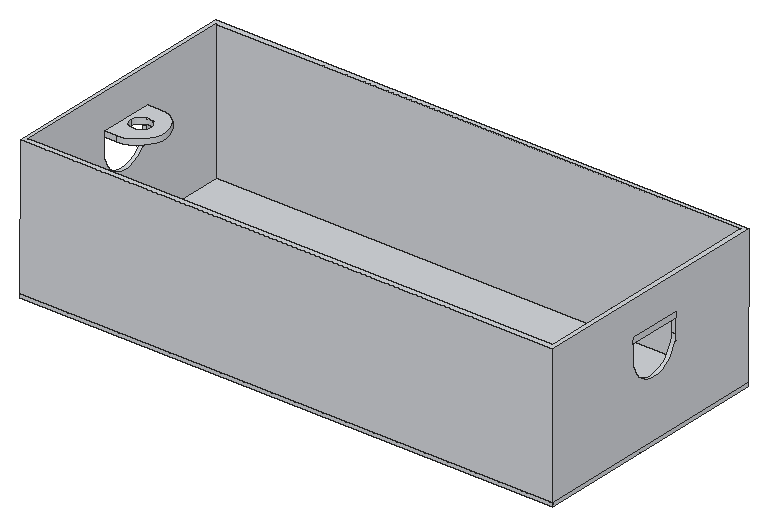
Revit family "EWS5", category Generic Models, Revit 2017
Family settings
  Can host rebar = No
  Round Connector Dimension = Use Diameter
  Part Type = Normal
  Work Plane-Based = Yes
  Always vertical = No
  Cut with Voids When Loaded = No
  Shared = No
  Room Calculation Point = No
Parameters (values of type "NBS Standard Parameters")
  Weight = "0.164Kg"
  WarrantyStartDate [instance] = "1900-12-31T23:59:59"
  WarrantyGuarantorParts = "n/a"
  WarrantyGuarantorLabor = "n/a"
  WarrantyDurationUnit = "1 year"
  WarrantyDurationParts = "n/a"
  WarrantyDurationLabor = "n/a"
  WarrantyDescription = "n/a"
  Version = "1"
  Uniclass2 = "Pr_65_72_97_84"
  TagNumber [instance] = "n/a"
  SustainabilityPerformance = "n/a"
  Size = "35mm"
  Shape = "Rectangular"
  SerialNumber [instance] = "n/a"
  Revision = "n/a"
  ReplacementCost = "n/a"
  ProductInformation = "www.metpro.co.uk/pdf/ews5.pdf"
  NominalWidth = 75 mm
  NominalLength = 135 mm
  NominalHeight = 36.2 mm
  Name = ""
  NBSTypeID = ""
  NBSReference = "90-60-25/345"
  NBSOfficeMasterTag = ""
  NBSNote = ""
  NBSDescription = "Standard Socket Outlets"
  NBSCertification = ""
  ModelReference = "EWS5"
  ModelNumber = "n/a"
  Material = "Sheet Steel to Comply with BS4668"
  ManufacturerURL = "www.metpro.co.uk"
  ManufacturerName = "Metpro Ltd"
  Keynote = "Compliant to BS4662 & LU Standard 1-085 (For Use On Surface & Sub-Surface Locations)"
  InstallationDate [instance] = "1900-12-31T23:59:59"
  IfcExportType = ""
  IfcExportAs = ""
  Grade = "n/a"
  Finish = "Pre Galvanised"
  Features = "n/a"
  ExpectedLife = "n/a"
  DurationUnit = "year"
  Description = "EWS5 - 35mm  2 Gang Switch & Socket Box"
  Default Elevation = 1219.2 mm
  Constituents = "n/a"
  Color = "n/a"
  CodePerformance = "n/a"
  Category = "n/a"
  BarCode [instance] = "n/a"
  BIMObjectName = "metpro_metprolibrary_standardsocketoutlets_switchandsocketboxes_metal"
  Author = "Metpro Limited"
  AssetType = ""
  AssetIdentifier [instance] = "n/a"
  AccessibilityPerformance = "n/a"
Reference planes
  plane 1 "Center (Front/Back)": y = 0
  plane 2: z = 0
  plane 3 "Center (Left/Right)": x = 0
Forms (mm)
  Extrusion 1, solid
    sketch origin (25.784, -186.227, 33.244) x (0, 1, 0) y (-1, 0, 0)
      loop
        line (62.288, 147.378) -> (0, 147.378) -> (0, 11.378) -> (62.288, 11.378) -> (62.288, 147.378)
      loop
        line (1, 146.378) -> (1, 12.378) -> (61.288, 12.378) -> (61.288, 146.378) -> (1, 146.378)
    from -16 to 20.2
  Extrusion 2, solid
    sketch origin (25.784, -186.227, 17.244) x (0, 1, 0) y (-1, 0, 0)
      loop
        line (62.288, 147.378) -> (0, 147.378) -> (0, 11.378) -> (62.288, 11.378) -> (62.288, 147.378)
    from 0 to 0.9
  Extrusion 3, void
    sketch origin (14.406, -123.938, 33.244) x (0, 1, 0) y (0, 0, -1)
      loop
        arc (-23.129, -6.387) -> (-30, 0.484) -> (-36.871, -6.387) r 6.871
        line (-36.871, -6.387) -> (-36.871, -11.387) -> (-23.129, -11.387) -> (-23.129, -6.387)
    from 0 to 142.8
  Extrusion 4, solid
    sketch origin (14.406, -160.809, 44.632) x (1, 0, 0) y (0, -1, 0)
      loop
        line (0, -13.742) -> (0, -0.034) -> (-4.199, -0.034)
        arc (-4.199, -0.034) -> (-11.053, -6.888) -> (-4.199, -13.742) r 6.854
        line (-4.199, -13.742) -> (0, -13.742)
      loop
        circle (-5, -6.871) r 2.595
      loop
        line (-136, -13.742) -> (-131.801, -13.742)
        arc (-131.801, -13.742) -> (-124.947, -6.888) -> (-131.801, -0.034) r 6.854
        line (-131.801, -0.034) -> (-136, -0.034) -> (-136, -13.742)
      loop
        circle (-131, -6.871) r 2.595
    from 0 to 1.4
Cuts and joins
  Extrusion 3 cuts Extrusion 1
Dimensions and locks
  aligned and locked: level to plane 2
